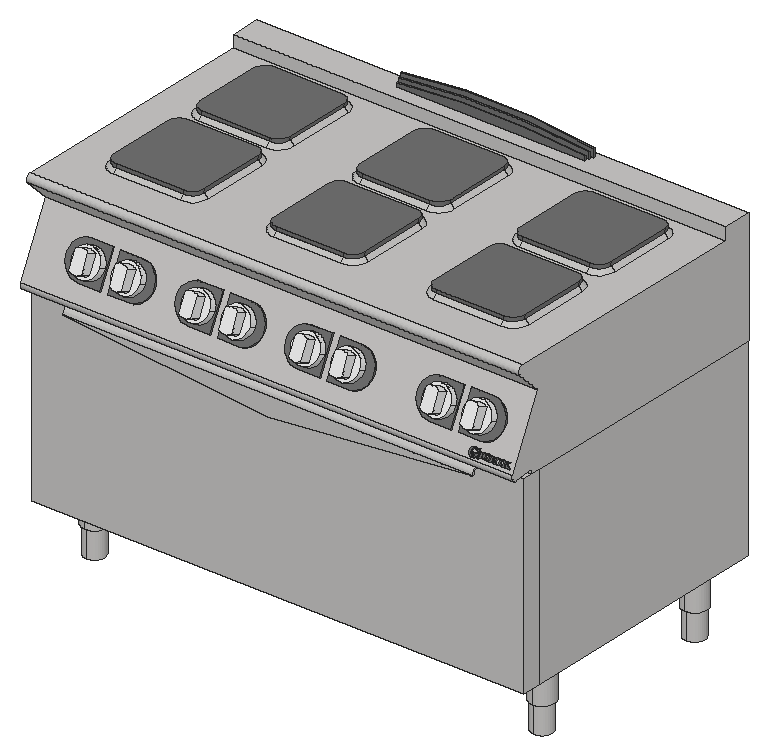
Revit family "QF_GIORIK_CE76QH", category Specialty Equipment, Revit 2014
Parameters (values of type "CE76QH")
  Weight in Pounds = 352.7392
  Watts = 24600 W
  Volts = 400 V
  URL Cutsheet = "www.giorik.com"
  URL = "www.giorik.com"
  Status [instance] = ""
  Specification by User [instance] = ""
  Specification by Manufacturer = ""
  Show Logo [instance] = yes
  Show Clearance [instance] = yes
  Serial Number = ""
  Seismic Rating = ""
  SMACNA No = ""
  Revision Code [instance] = ""
  Phase = 3
  Number of Poles [instance] = 3
  NAFEM Spec ID Number = ""
  Model = "CE76QH"
  Min Ckt Ampacity = 0 A
  Max Overcurrent Protection = 0 A
  Masterspec = ""
  Manufacturer = "GIORIK"
  Item Number [instance] = ""
  Installed By [instance] = ""
  Identify Quantity as Lot [instance] = no
  HP = "32.989092000000"
  Furnished By [instance] = ""
  Foodservice Equipment Identifier [instance] = yes
  FL Amps = 0 A
  Electrical Remarks [instance] = ""
  Electric Connection Type [instance] = ""
  Elec Conn RI Height [instance] = 0 mm
  Elec Conn Connection Height [instance] = 150 mm
  Description = "6 ELECTRIC RANGE WITH SQUARE PLATES WITH ELECTRIC OVEN"
  Cycle = 50 Hz
  Conn Plug = ""
  CSI MasterFormat = ""
  Assembly Code = "E1090320"
  Apparent Power = 24600 VA
Reference planes
  plane 1 "Back": y = 0
  plane 2: z = 0
  plane 3 "Left": x = 0
  plane 4 "Right": x = 1200
  plane 5 "Front": y = -720
  plane 6 "Top": z = 900
Forms (mm)
  Extrusion 1, solid, visible <- "Show Logo"
    sketch origin (996.604, -736.761, 609.486) x (-1, 0, 0) y (0, 0.452718, 0.891654)
      loop
        line (-118.824, 58.358) -> (-127.804, 58.358) -> (-125.523, 56.445) -> (-125.523, 48.027) -> (-127.804, 46.113) -> (-118.824, 46.113) -> (-121.105, 48.027) -> (-121.105, 56.445) -> (-118.824, 58.358)
      loop
        line (-163.721, 58.358) -> (-172.7, 58.358) -> (-170.42, 56.445) -> (-170.42, 48.027) -> (-172.7, 46.113) -> (-163.721, 46.113) -> (-166.001, 48.027) -> (-166.001, 56.445) -> (-163.721, 58.358)
      loop
        line (-174.332, 58.358) -> (-183.312, 58.358) -> (-181.031, 56.445) -> (-181.031, 52.435) -> (-186.419, 56.955) -> (-184.416, 58.358) -> (-191.268, 58.358) -> (-188.01, 56.839) -> (-185.455, 54.283) -> (-190.846, 47.858) -> (-193.396, 46.93) -> (-193.396, 46.113) -> (-184.416, 46.113) -> (-185.437, 47.571) -> (-182.443, 51.552) -> (-181.031, 50.894) -> (-181.031, 48.027) -> (-183.312, 46.113) -> (-174.332, 46.113) -> (-176.613, 48.027) -> (-176.613, 56.445) -> (-174.332, 58.358)
      loop
        line (-115.429, 62.063) -> (-115.429, 54.198)
        arc (-115.429, 54.198) -> (-111.618, 57.803) -> (-106.847, 59.986) r 16.039
        arc (-106.847, 59.986) -> (-103.314, 59.837) -> (-100.512, 57.68) r 5.851
        arc (-100.512, 57.68) -> (-98.815, 52.267) -> (-100.512, 46.853) r 9.479
        arc (-100.512, 46.853) -> (-102.406, 44.986) -> (-104.846, 43.93) r 7.236
        arc (-104.846, 43.93) -> (-107.728, 44.111) -> (-110.052, 45.825) r 5.11
        line (-110.052, 45.825) -> (-110.052, 52.001) -> (-116.141, 52.001) -> (-116.141, 45.503) -> (-117.893, 43.751) -> (-114.094, 44.769)
        arc (-114.094, 44.769) -> (-112.56, 44.947) -> (-111.129, 44.366) r 3.115
        arc (-111.129, 44.366) -> (-104.216, 42.091) -> (-97.303, 44.366) r 11.641
        arc (-97.303, 44.366) -> (-93.396, 52.107) -> (-97.303, 59.849) r 9.622
        arc (-97.303, 59.849) -> (-104.369, 62.174) -> (-111.435, 59.849) r 11.898
        line (-111.435, 59.849) -> (-115.429, 62.063)
      loop
        arc (-129.234, 56.068) -> (-135.893, 58.628) -> (-142.552, 56.068) r 9.941
        arc (-142.552, 56.068) -> (-144.234, 52.286) -> (-142.552, 48.505) r 5.093
        arc (-142.552, 48.505) -> (-135.893, 45.945) -> (-129.234, 48.505) r 9.941
        arc (-129.234, 48.505) -> (-127.552, 52.286) -> (-129.234, 56.068) r 5.093
      loop
        arc (-132.628, 54.403) -> (-135.893, 57.668) -> (-139.158, 54.403) r 3.265
        line (-139.158, 54.403) -> (-139.158, 50.169)
        arc (-139.158, 50.169) -> (-135.893, 46.904) -> (-132.628, 50.169) r 3.265
        line (-132.628, 50.169) -> (-132.628, 54.403)
      loop
        arc (-156.363, 58.365) -> (-159.647, 55.081) -> (-156.363, 51.796) r 3.285
        line (-156.363, 51.796) -> (-159.529, 47.306) -> (-162.087, 46.113) -> (-155.847, 46.113) -> (-153.529, 51.083) -> (-150.637, 51.083) -> (-150.637, 47.784) -> (-153.022, 46.113) -> (-144.011, 46.113) -> (-146.094, 47.68) -> (-146.094, 56.493) -> (-144.229, 58.365) -> (-156.363, 58.365)
      loop
        line (-150.637, 57.512) -> (-153.637, 57.512)
        arc (-153.637, 57.512) -> (-156.237, 54.912) -> (-153.637, 52.312) r 2.6
        line (-153.637, 52.312) -> (-150.637, 52.312) -> (-150.637, 57.512)
      loop
        line (-108.924, 52.001) -> (-104.936, 49.005) -> (-100.948, 52.001) -> (-108.924, 52.001)
    from 1.5 to -0.5
  Extrusion 2, solid
    sketch origin (-16, 1025.81, 0) x (1, 0, 0) y (0, 1, 0)
      loop
        line (25, -1086.81) -> (25, -1156.81) -> (115, -1156.81) -> (115, -1086.81) -> (25, -1086.81)
    from 148 to 150
  Extrusion 3, solid
    sketch origin (-4, 0, 130) x (1, 0, 0) y (0, 1, 0)
      loop
        circle (54, -385) r 12.5
    from 0 to 20
  Extrusion 4, solid
    sketch origin (0, 1000, -20) x (0, 1, 0) y (0, 0, 1)
      loop
        line (-1000, 919.988) -> (-1070, 919.988) -> (-1070, 889.988) -> (-1688.806, 889.988)
        arc (-1688.806, 889.988) -> (-1699.151, 883.075) -> (-1696.724, 870.873) r 11.197
        line (-1696.724, 870.873) -> (-1640.876, 815.025) -> (-1718.948, 661.258)
        arc (-1718.948, 661.258) -> (-1718.233, 650.105) -> (-1708.118, 645.354) r 10.981
        line (-1708.118, 645.354) -> (-1660, 649.925) -> (-1660, 640) -> (-1000, 640) -> (-1000, 919.988)
    from 0 to 1200
  Extrusion 5, solid
    sketch origin (0, 0, 599.536) x (1, 0, 0) y (0, 1, 0)
      loop
        line (0, -640) -> (40, -640) -> (40, -40) -> (1160, -40) -> (1160, -640) -> (1200, -640) -> (1200, 0) -> (0, 0) -> (0, -640)
    from -449.536 to 20.464
  Extrusion 6, solid
    sketch origin (0, 0, 0) x (1, 0, 0) y (0, 1, 0)
      loop
        line (40, -40) -> (40, -640) -> (1160, -640) -> (1160, -40) -> (40, -40)
    from 150 to 190
  Extrusion 7, solid
    sketch origin (-16, 560.81, 0) x (1, 0, 0) y (0, 1, 0)
      loop
        line (25, -1086.81) -> (25, -1156.81) -> (115, -1156.81) -> (115, -1086.81) -> (25, -1086.81)
    from 148 to 150
  Revolve 8, solid
    sketch origin (54, 560.81, 0) x (0, 1, 0) y (0, 0, 1)
      loop
        line (-1092.56, 66) -> (-1092.56, 148) -> (-1121.81, 148) -> (-1121.81, 0) -> (-1096.81, 0) -> (-1096.81, 66) -> (-1092.56, 66)
      axis (-1121.81, 0) -> (-1121.81, 148)
    angle from 0 to 360
  Revolve 9, solid
    sketch origin (54, 1025.81, 0) x (0, 1, 0) y (0, 0, 1)
      loop
        line (-1092.56, 66) -> (-1092.56, 148) -> (-1121.81, 148) -> (-1121.81, 0) -> (-1096.81, 0) -> (-1096.81, 66) -> (-1092.56, 66)
      axis (-1121.81, 0) -> (-1121.81, 148)
    angle from 0 to 360
  Extrusion 10, solid
    sketch origin (1216, 560.81, 0) x (-1, 0, 0) y (0, -1, 0)
      loop
        line (25, 1086.81) -> (115, 1086.81) -> (115, 1156.81) -> (25, 1156.81) -> (25, 1086.81)
    from 148 to 150
  Revolve 11, solid
    sketch origin (1146, 560.81, 0) x (0, 1, 0) y (0, 0, -1)
      loop
        line (-1092.56, -66) -> (-1096.81, -66) -> (-1096.81, 0) -> (-1121.81, 0) -> (-1121.81, -148) -> (-1092.56, -148) -> (-1092.56, -66)
      axis (-1121.81, 0) -> (-1121.81, -148)
    angle from 0 to 360
  Extrusion 12, solid
    sketch origin (1216, -1217.81, 0) x (-1, 0, 0) y (0, -1, 0)
      loop
        line (25, -1086.81) -> (25, -1156.81) -> (115, -1156.81) -> (115, -1086.81) -> (25, -1086.81)
    from 148 to 150
  Revolve 13, solid
    sketch origin (1146, -1217.81, 0) x (0, -1, 0) y (0, 0, 1)
      loop
        line (-1092.56, 66) -> (-1092.56, 148) -> (-1121.81, 148) -> (-1121.81, 0) -> (-1096.81, 0) -> (-1096.81, 66) -> (-1092.56, 66)
      axis (-1121.81, 0) -> (-1121.81, 148)
    angle from 0 to 360
  Extrusion 14, solid
    sketch origin (-283.221, -963.345, 52.363) x (1, 0, 0) y (0, 0.452718, 0.891654)
      loop
        line (463.221, 676.25) -> (463.221, 766.25) -> (409.698, 766.25)
        arc (409.698, 766.25) -> (364.698, 721.25) -> (409.698, 676.25) r 45
        line (409.698, 676.25) -> (463.221, 676.25)
    from 48 to 50
  Extrusion 15, solid
    sketch origin (491.331, -1008.697, 74.959) x (-1, 0, 0) y (0, -0.45351, -0.891251)
      loop
        circle (351.331, -721.346) r 35
    from 0 to 15
  Extrusion 16, solid
    sketch origin (491.331, -1008.697, 74.959) x (-1, 0, 0) y (0, -0.45351, -0.891251)
      loop
        arc (336.331, -743.846) -> (351.331, -748.846) -> (366.331, -743.846) r 25
        line (366.331, -743.846) -> (366.331, -698.846)
        arc (366.331, -698.846) -> (351.331, -693.846) -> (336.331, -698.846) r 25
        line (336.331, -698.846) -> (336.331, -743.846)
    from 15 to 40
  Extrusion 17, solid
    sketch origin (661.221, -963.345, 52.363) x (-1, 0, 0) y (0, -0.452718, -0.891654)
      loop
        line (463.221, -676.25) -> (409.698, -676.25)
        arc (409.698, -676.25) -> (364.698, -721.25) -> (409.698, -766.25) r 45
        line (409.698, -766.25) -> (463.221, -766.25) -> (463.221, -676.25)
    from 48 to 50
  Extrusion 18, solid
    sketch origin (-113.331, -1008.697, 74.959) x (1, 0, 0) y (0, 0.45351, 0.891251)
      loop
        circle (351.331, 721.346) r 35
    from 0 to 15
  Extrusion 19, solid
    sketch origin (-113.331, -1008.697, 74.959) x (1, 0, 0) y (0, 0.45351, 0.891251)
      loop
        line (336.331, 743.846) -> (336.331, 698.846)
        arc (336.331, 698.846) -> (351.331, 693.846) -> (366.331, 698.846) r 25
        line (366.331, 698.846) -> (366.331, 743.846)
        arc (366.331, 743.846) -> (351.331, 748.846) -> (336.331, 743.846) r 25
    from 15 to 40
  Extrusion 20, solid
    sketch origin (236.031, 0, -10.001) x (1, 0, 0) y (0, 0, 1)
      loop
        line (135, 909.989) -> (592.969, 909.989) -> (592.969, 919.989) -> (440.969, 929.989) -> (287, 929.989) -> (135, 919.989) -> (135, 909.989)
    from 32 to 35
  Extrusion 21, solid
    sketch origin (238, 10, -10.001) x (1, 0, 0) y (0, 0, 1)
      loop
        line (594, 909.989) -> (594, 924.989) -> (440, 937.489) -> (284, 937.489) -> (130, 925.001) -> (130, 909.989) -> (594, 909.989)
    from 32 to 35
  Extrusion 22, solid
    sketch origin (240, 20, -10.001) x (1, 0, 0) y (0, 0, 1)
      loop
        line (595, 909.989) -> (595, 930.001) -> (439, 945.258) -> (281, 945.258) -> (125, 929.989) -> (125, 909.989) -> (595, 909.989)
    from 32 to 35
  Extrusion 23, solid
    sketch origin (801.002, 17.5, 864.988) x (0, 1, 0) y (-1, 0, 0)
      loop
        arc (-121.5, -108) -> (-129.701, -88.201) -> (-149.5, -80) r 28
        line (-149.5, -80) -> (-313.5, -80)
        arc (-313.5, -80) -> (-333.299, -88.201) -> (-341.5, -108) r 28
        line (-341.5, -108) -> (-341.5, -271.998)
        arc (-341.5, -271.998) -> (-333.299, -291.797) -> (-313.5, -299.998) r 28
        line (-313.5, -299.998) -> (-149.5, -299.998)
        arc (-149.5, -299.998) -> (-129.701, -291.797) -> (-121.5, -271.998) r 28
        line (-121.5, -271.998) -> (-121.5, -108)
    from 23 to 15
  Blend 24, solid
    base sketch origin (1545.362, -805.004, 869.988) x (0, 1, 0) y (-1, 0, 0)
      loop
        arc (710.004, 636.36) -> (699.167, 662.523) -> (673.004, 673.36) r 37
        line (673.004, 673.36) -> (509.004, 673.36)
        arc (509.004, 673.36) -> (482.841, 662.523) -> (472.004, 636.36) r 37
        line (472.004, 636.36) -> (472.004, 472.362)
        arc (472.004, 472.362) -> (482.841, 446.199) -> (509.004, 435.362) r 37
        line (509.004, 435.362) -> (673.004, 435.362)
        arc (673.004, 435.362) -> (699.167, 446.199) -> (710.004, 472.362) r 37
        line (710.004, 472.362) -> (710.004, 636.36)
    top sketch origin (1545.362, -805.004, 900) x (0, 1, 0) y (-1, 0, 0)
      loop
        arc (701.004, 636.36) -> (692.803, 656.159) -> (673.004, 664.36) r 28
        line (673.004, 664.36) -> (509.004, 664.36)
        arc (509.004, 664.36) -> (489.205, 656.159) -> (481.004, 636.36) r 28
        line (481.004, 636.36) -> (481.004, 472.362)
        arc (481.004, 472.362) -> (489.205, 452.563) -> (509.004, 444.362) r 28
        line (509.004, 444.362) -> (673.004, 444.362)
        arc (673.004, 444.362) -> (692.803, 452.563) -> (701.004, 472.362) r 28
        line (701.004, 472.362) -> (701.004, 636.36)
    from 0 to -20.012
  Extrusion 25, solid
    sketch origin (19, 17.5, 864.988) x (0, 1, 0) y (-1, 0, 0)
      loop
        arc (-121.5, -108) -> (-129.701, -88.201) -> (-149.5, -80) r 28
        line (-149.5, -80) -> (-313.5, -80)
        arc (-313.5, -80) -> (-333.299, -88.201) -> (-341.5, -108) r 28
        line (-341.5, -108) -> (-341.5, -271.998)
        arc (-341.5, -271.998) -> (-333.299, -291.797) -> (-313.5, -299.998) r 28
        line (-313.5, -299.998) -> (-149.5, -299.998)
        arc (-149.5, -299.998) -> (-129.701, -291.797) -> (-121.5, -271.998) r 28
        line (-121.5, -271.998) -> (-121.5, -108)
    from 23 to 15
  Blend 26, solid
    base sketch origin (763.36, -805.004, 869.988) x (0, 1, 0) y (-1, 0, 0)
      loop
        arc (710.004, 636.36) -> (699.167, 662.523) -> (673.004, 673.36) r 37
        line (673.004, 673.36) -> (509.004, 673.36)
        arc (509.004, 673.36) -> (482.841, 662.523) -> (472.004, 636.36) r 37
        line (472.004, 636.36) -> (472.004, 472.362)
        arc (472.004, 472.362) -> (482.841, 446.199) -> (509.004, 435.362) r 37
        line (509.004, 435.362) -> (673.004, 435.362)
        arc (673.004, 435.362) -> (699.167, 446.199) -> (710.004, 472.362) r 37
        line (710.004, 472.362) -> (710.004, 636.36)
    top sketch origin (763.36, -805.004, 900) x (0, 1, 0) y (-1, 0, 0)
      loop
        arc (701.004, 636.36) -> (692.803, 656.159) -> (673.004, 664.36) r 28
        line (673.004, 664.36) -> (509.004, 664.36)
        arc (509.004, 664.36) -> (489.205, 656.159) -> (481.004, 636.36) r 28
        line (481.004, 636.36) -> (481.004, 472.362)
        arc (481.004, 472.362) -> (489.205, 452.563) -> (509.004, 444.362) r 28
        line (509.004, 444.362) -> (673.004, 444.362)
        arc (673.004, 444.362) -> (692.803, 452.563) -> (701.004, 472.362) r 28
        line (701.004, 472.362) -> (701.004, 636.36)
    from 0 to -20.012
  Extrusion 27, solid
    sketch origin (410.001, 17.5, 864.988) x (0, 1, 0) y (-1, 0, 0)
      loop
        arc (-121.5, -108) -> (-129.701, -88.201) -> (-149.5, -80) r 28
        line (-149.5, -80) -> (-313.5, -80)
        arc (-313.5, -80) -> (-333.299, -88.201) -> (-341.5, -108) r 28
        line (-341.5, -108) -> (-341.5, -271.998)
        arc (-341.5, -271.998) -> (-333.299, -291.797) -> (-313.5, -299.998) r 28
        line (-313.5, -299.998) -> (-149.5, -299.998)
        arc (-149.5, -299.998) -> (-129.701, -291.797) -> (-121.5, -271.998) r 28
        line (-121.5, -271.998) -> (-121.5, -108)
    from 23 to 15
  Blend 28, solid
    base sketch origin (1154.361, -805.004, 869.988) x (0, 1, 0) y (-1, 0, 0)
      loop
        arc (710.004, 636.36) -> (699.167, 662.523) -> (673.004, 673.36) r 37
        line (673.004, 673.36) -> (509.004, 673.36)
        arc (509.004, 673.36) -> (482.841, 662.523) -> (472.004, 636.36) r 37
        line (472.004, 636.36) -> (472.004, 472.362)
        arc (472.004, 472.362) -> (482.841, 446.199) -> (509.004, 435.362) r 37
        line (509.004, 435.362) -> (673.004, 435.362)
        arc (673.004, 435.362) -> (699.167, 446.199) -> (710.004, 472.362) r 37
        line (710.004, 472.362) -> (710.004, 636.36)
    top sketch origin (1154.361, -805.004, 900) x (0, 1, 0) y (-1, 0, 0)
      loop
        arc (701.004, 636.36) -> (692.803, 656.159) -> (673.004, 664.36) r 28
        line (673.004, 664.36) -> (509.004, 664.36)
        arc (509.004, 664.36) -> (489.205, 656.159) -> (481.004, 636.36) r 28
        line (481.004, 636.36) -> (481.004, 472.362)
        arc (481.004, 472.362) -> (489.205, 452.563) -> (509.004, 444.362) r 28
        line (509.004, 444.362) -> (673.004, 444.362)
        arc (673.004, 444.362) -> (692.803, 452.563) -> (701.004, 472.362) r 28
        line (701.004, 472.362) -> (701.004, 636.36)
    from 0 to -20.012
  Extrusion 29, solid
    sketch origin (801.002, -707.5, 864.988) x (0, -1, 0) y (1, 0, 0)
      loop
        line (-121.5, 108) -> (-121.5, 271.998)
        arc (-121.5, 271.998) -> (-129.701, 291.797) -> (-149.5, 299.998) r 28
        line (-149.5, 299.998) -> (-313.5, 299.998)
        arc (-313.5, 299.998) -> (-333.299, 291.797) -> (-341.5, 271.998) r 28
        line (-341.5, 271.998) -> (-341.5, 108)
        arc (-341.5, 108) -> (-333.299, 88.201) -> (-313.5, 80) r 28
        line (-313.5, 80) -> (-149.5, 80)
        arc (-149.5, 80) -> (-129.701, 88.201) -> (-121.5, 108) r 28
    from 23 to 15
  Blend 30, solid
    base sketch origin (1545.362, 115.004, 869.988) x (0, -1, 0) y (1, 0, 0)
      loop
        line (710.004, -636.36) -> (710.004, -472.362)
        arc (710.004, -472.362) -> (699.167, -446.199) -> (673.004, -435.362) r 37
        line (673.004, -435.362) -> (509.004, -435.362)
        arc (509.004, -435.362) -> (482.841, -446.199) -> (472.004, -472.362) r 37
        line (472.004, -472.362) -> (472.004, -636.36)
        arc (472.004, -636.36) -> (482.841, -662.523) -> (509.004, -673.36) r 37
        line (509.004, -673.36) -> (673.004, -673.36)
        arc (673.004, -673.36) -> (699.167, -662.523) -> (710.004, -636.36) r 37
    top sketch origin (1545.362, 115.004, 900) x (0, -1, 0) y (1, 0, 0)
      loop
        line (701.004, -636.36) -> (701.004, -472.362)
        arc (701.004, -472.362) -> (692.803, -452.563) -> (673.004, -444.362) r 28
        line (673.004, -444.362) -> (509.004, -444.362)
        arc (509.004, -444.362) -> (489.205, -452.563) -> (481.004, -472.362) r 28
        line (481.004, -472.362) -> (481.004, -636.36)
        arc (481.004, -636.36) -> (489.205, -656.159) -> (509.004, -664.36) r 28
        line (509.004, -664.36) -> (673.004, -664.36)
        arc (673.004, -664.36) -> (692.803, -656.159) -> (701.004, -636.36) r 28
    from 0 to -20.012
  Extrusion 31, solid
    sketch origin (19, -707.5, 864.988) x (0, -1, 0) y (1, 0, 0)
      loop
        line (-121.5, 108) -> (-121.5, 271.998)
        arc (-121.5, 271.998) -> (-129.701, 291.797) -> (-149.5, 299.998) r 28
        line (-149.5, 299.998) -> (-313.5, 299.998)
        arc (-313.5, 299.998) -> (-333.299, 291.797) -> (-341.5, 271.998) r 28
        line (-341.5, 271.998) -> (-341.5, 108)
        arc (-341.5, 108) -> (-333.299, 88.201) -> (-313.5, 80) r 28
        line (-313.5, 80) -> (-149.5, 80)
        arc (-149.5, 80) -> (-129.701, 88.201) -> (-121.5, 108) r 28
    from 23 to 15
  Blend 32, solid
    base sketch origin (763.36, 115.004, 869.988) x (0, -1, 0) y (1, 0, 0)
      loop
        line (710.004, -636.36) -> (710.004, -472.362)
        arc (710.004, -472.362) -> (699.167, -446.199) -> (673.004, -435.362) r 37
        line (673.004, -435.362) -> (509.004, -435.362)
        arc (509.004, -435.362) -> (482.841, -446.199) -> (472.004, -472.362) r 37
        line (472.004, -472.362) -> (472.004, -636.36)
        arc (472.004, -636.36) -> (482.841, -662.523) -> (509.004, -673.36) r 37
        line (509.004, -673.36) -> (673.004, -673.36)
        arc (673.004, -673.36) -> (699.167, -662.523) -> (710.004, -636.36) r 37
    top sketch origin (763.36, 115.004, 900) x (0, -1, 0) y (1, 0, 0)
      loop
        line (701.004, -636.36) -> (701.004, -472.362)
        arc (701.004, -472.362) -> (692.803, -452.563) -> (673.004, -444.362) r 28
        line (673.004, -444.362) -> (509.004, -444.362)
        arc (509.004, -444.362) -> (489.205, -452.563) -> (481.004, -472.362) r 28
        line (481.004, -472.362) -> (481.004, -636.36)
        arc (481.004, -636.36) -> (489.205, -656.159) -> (509.004, -664.36) r 28
        line (509.004, -664.36) -> (673.004, -664.36)
        arc (673.004, -664.36) -> (692.803, -656.159) -> (701.004, -636.36) r 28
    from 0 to -20.012
  Extrusion 33, solid
    sketch origin (410.001, -707.5, 864.988) x (0, -1, 0) y (1, 0, 0)
      loop
        line (-121.5, 108) -> (-121.5, 271.998)
        arc (-121.5, 271.998) -> (-129.701, 291.797) -> (-149.5, 299.998) r 28
        line (-149.5, 299.998) -> (-313.5, 299.998)
        arc (-313.5, 299.998) -> (-333.299, 291.797) -> (-341.5, 271.998) r 28
        line (-341.5, 271.998) -> (-341.5, 108)
        arc (-341.5, 108) -> (-333.299, 88.201) -> (-313.5, 80) r 28
        line (-313.5, 80) -> (-149.5, 80)
        arc (-149.5, 80) -> (-129.701, 88.201) -> (-121.5, 108) r 28
    from 23 to 15
  Blend 34, solid
    base sketch origin (1154.361, 115.004, 869.988) x (0, -1, 0) y (1, 0, 0)
      loop
        line (710.004, -636.36) -> (710.004, -472.362)
        arc (710.004, -472.362) -> (699.167, -446.199) -> (673.004, -435.362) r 37
        line (673.004, -435.362) -> (509.004, -435.362)
        arc (509.004, -435.362) -> (482.841, -446.199) -> (472.004, -472.362) r 37
        line (472.004, -472.362) -> (472.004, -636.36)
        arc (472.004, -636.36) -> (482.841, -662.523) -> (509.004, -673.36) r 37
        line (509.004, -673.36) -> (673.004, -673.36)
        arc (673.004, -673.36) -> (699.167, -662.523) -> (710.004, -636.36) r 37
    top sketch origin (1154.361, 115.004, 900) x (0, -1, 0) y (1, 0, 0)
      loop
        line (701.004, -636.36) -> (701.004, -472.362)
        arc (701.004, -472.362) -> (692.803, -452.563) -> (673.004, -444.362) r 28
        line (673.004, -444.362) -> (509.004, -444.362)
        arc (509.004, -444.362) -> (489.205, -452.563) -> (481.004, -472.362) r 28
        line (481.004, -472.362) -> (481.004, -636.36)
        arc (481.004, -636.36) -> (489.205, -656.159) -> (509.004, -664.36) r 28
        line (509.004, -664.36) -> (673.004, -664.36)
        arc (673.004, -664.36) -> (692.803, -656.159) -> (701.004, -636.36) r 28
    from 0 to -20.012
  Extrusion 35, solid
    sketch origin (929.221, -963.345, 52.363) x (-1, 0, 0) y (0, -0.452718, -0.891654)
      loop
        line (463.221, -676.25) -> (409.698, -676.25)
        arc (409.698, -676.25) -> (364.698, -721.25) -> (409.698, -766.25) r 45
        line (409.698, -766.25) -> (463.221, -766.25) -> (463.221, -676.25)
    from 48 to 50
  Extrusion 36, solid
    sketch origin (154.669, -1008.697, 74.959) x (1, 0, 0) y (0, 0.45351, 0.891251)
      loop
        circle (351.331, 721.346) r 35
    from 0 to 15
  Extrusion 37, solid
    sketch origin (154.669, -1008.697, 74.959) x (1, 0, 0) y (0, 0.45351, 0.891251)
      loop
        line (336.331, 743.846) -> (336.331, 698.846)
        arc (336.331, 698.846) -> (351.331, 693.846) -> (366.331, 698.846) r 25
        line (366.331, 698.846) -> (366.331, 743.846)
        arc (366.331, 743.846) -> (351.331, 748.846) -> (336.331, 743.846) r 25
    from 15 to 40
  Extrusion 38, solid
    sketch origin (-15.221, -963.345, 52.363) x (1, 0, 0) y (0, 0.452718, 0.891654)
      loop
        line (463.221, 676.25) -> (463.221, 766.25) -> (409.698, 766.25)
        arc (409.698, 766.25) -> (364.698, 721.25) -> (409.698, 676.25) r 45
        line (409.698, 676.25) -> (463.221, 676.25)
    from 48 to 50
  Extrusion 39, solid
    sketch origin (759.331, -1008.697, 74.959) x (-1, 0, 0) y (0, -0.45351, -0.891251)
      loop
        circle (351.331, -721.346) r 35
    from 0 to 15
  Extrusion 40, solid
    sketch origin (759.331, -1008.697, 74.959) x (-1, 0, 0) y (0, -0.45351, -0.891251)
      loop
        arc (336.331, -743.846) -> (351.331, -748.846) -> (366.331, -743.846) r 25
        line (366.331, -743.846) -> (366.331, -698.846)
        arc (366.331, -698.846) -> (351.331, -693.846) -> (336.331, -698.846) r 25
        line (336.331, -698.846) -> (336.331, -743.846)
    from 15 to 40
  Extrusion 41, solid
    sketch origin (252.779, -963.345, 52.363) x (1, 0, 0) y (0, 0.452718, 0.891654)
      loop
        line (463.221, 676.25) -> (463.221, 766.25) -> (409.698, 766.25)
        arc (409.698, 766.25) -> (364.698, 721.25) -> (409.698, 676.25) r 45
        line (409.698, 676.25) -> (463.221, 676.25)
    from 48 to 50
  Extrusion 42, solid
    sketch origin (1027.331, -1008.697, 74.959) x (-1, 0, 0) y (0, -0.45351, -0.891251)
      loop
        circle (351.331, -721.346) r 35
    from 0 to 15
  Extrusion 43, solid
    sketch origin (1027.331, -1008.697, 74.959) x (-1, 0, 0) y (0, -0.45351, -0.891251)
      loop
        arc (336.331, -743.846) -> (351.331, -748.846) -> (366.331, -743.846) r 25
        line (366.331, -743.846) -> (366.331, -698.846)
        arc (366.331, -698.846) -> (351.331, -693.846) -> (336.331, -698.846) r 25
        line (336.331, -698.846) -> (336.331, -743.846)
    from 15 to 40
  Extrusion 44, solid
    sketch origin (1197.221, -963.345, 52.363) x (-1, 0, 0) y (0, -0.452718, -0.891654)
      loop
        line (463.221, -676.25) -> (409.698, -676.25)
        arc (409.698, -676.25) -> (364.698, -721.25) -> (409.698, -766.25) r 45
        line (409.698, -766.25) -> (463.221, -766.25) -> (463.221, -676.25)
    from 48 to 50
  Extrusion 45, solid
    sketch origin (422.669, -1008.697, 74.959) x (1, 0, 0) y (0, 0.45351, 0.891251)
      loop
        circle (351.331, 721.346) r 35
    from 0 to 15
  Extrusion 46, solid
    sketch origin (422.669, -1008.697, 74.959) x (1, 0, 0) y (0, 0.45351, 0.891251)
      loop
        line (336.331, 743.846) -> (336.331, 698.846)
        arc (336.331, 698.846) -> (351.331, 693.846) -> (366.331, 698.846) r 25
        line (366.331, 698.846) -> (366.331, 743.846)
        arc (366.331, 743.846) -> (351.331, 748.846) -> (336.331, 743.846) r 25
    from 15 to 40
  Extrusion 47, solid
    sketch origin (0, -725, 0) x (1, 0, 0) y (0, 0, 1)
      loop
        line (0, 620) -> (0, 150) -> (1200, 150) -> (1200, 620) -> (0, 620)
    from -85 to -40
  Extrusion 48, solid
    sketch origin (2.5, -725, -20.1) x (0, 1, 0) y (0, 0, 1)
      loop
        arc (25, 640.1) -> (14.393, 635.707) -> (10, 625.1) r 15
        line (10, 625.1) -> (12, 625.1)
        arc (12, 625.1) -> (15.808, 634.292) -> (25, 638.1) r 13
        line (25, 638.1) -> (40, 638.1) -> (40, 640.1) -> (25, 640.1)
    from 97.5 to 1097.5
  Extrusion 49, solid
    sketch origin (2.5, -724.905, -20.1) x (1, 0, 0) y (0, 0, 1)
      loop
        arc (97.5, 625.1) -> (597.5, 577.434) -> (1097.5, 625.1) r 2646.252
        line (1097.5, 625.1) -> (97.5, 625.1)
    from -11.905 to -9.905
  Extrusion 50, solid, visible <- "Show Clearance", detail levels coarse
    sketch origin (0, 0, 0) x (0, 1, 0) y (0, 0, 1)
      loop
        line (-685, 150) -> (-685, 620)
        arc (-685, 620) -> (-1017.34, 482.34) -> (-1155, 150) r 470
        line (-1155, 150) -> (-685, 150)
    from 0 to 1200
  Extrusion 51, solid
    sketch origin (572.779, -963.345, 52.363) x (1, 0, 0) y (0, 0.452718, 0.891654)
      loop
        line (463.221, 676.25) -> (463.221, 766.25) -> (409.698, 766.25)
        arc (409.698, 766.25) -> (364.698, 721.25) -> (409.698, 676.25) r 45
        line (409.698, 676.25) -> (463.221, 676.25)
    from 48 to 50
  Extrusion 52, solid
    sketch origin (1347.331, -1008.697, 74.959) x (-1, 0, 0) y (0, -0.45351, -0.891251)
      loop
        circle (351.331, -721.346) r 35
    from 0 to 15
  Extrusion 53, solid
    sketch origin (1347.331, -1008.697, 74.959) x (-1, 0, 0) y (0, -0.45351, -0.891251)
      loop
        arc (336.331, -743.846) -> (351.331, -748.846) -> (366.331, -743.846) r 25
        line (366.331, -743.846) -> (366.331, -698.846)
        arc (366.331, -698.846) -> (351.331, -693.846) -> (336.331, -698.846) r 25
        line (336.331, -698.846) -> (336.331, -743.846)
    from 15 to 40
  Extrusion 54, solid
    sketch origin (1517.221, -963.345, 52.363) x (-1, 0, 0) y (0, -0.452718, -0.891654)
      loop
        line (463.221, -676.25) -> (409.698, -676.25)
        arc (409.698, -676.25) -> (364.698, -721.25) -> (409.698, -766.25) r 45
        line (409.698, -766.25) -> (463.221, -766.25) -> (463.221, -676.25)
    from 48 to 50
  Extrusion 55, solid
    sketch origin (742.669, -1008.697, 74.959) x (1, 0, 0) y (0, 0.45351, 0.891251)
      loop
        circle (351.331, 721.346) r 35
    from 0 to 15
  Extrusion 56, solid
    sketch origin (742.669, -1008.697, 74.959) x (1, 0, 0) y (0, 0.45351, 0.891251)
      loop
        line (336.331, 743.846) -> (336.331, 698.846)
        arc (336.331, 698.846) -> (351.331, 693.846) -> (366.331, 698.846) r 25
        line (366.331, 698.846) -> (366.331, 743.846)
        arc (366.331, 743.846) -> (351.331, 748.846) -> (336.331, 743.846) r 25
    from 15 to 40
Lines and regions (mm)
  symbolic lines, style "200-EquipBorder-2D"
    curve 1: line (0, -720, 0) -> (1200, -720, 0)
    curve 2: line (1200, -720, 0) -> (1200, 0, 0)
    curve 3: line (1200, 0, 0) -> (0, 0, 0)
    curve 4: line (0, 0, 0) -> (0, -720, 0)
  symbolic lines, style "200-EquipInternal-2D"
    curve 5: line (0, -70, 900) -> (1200, -70, 900)
    curve 6: line (365, -12, 900) -> (835, -12, 900)
    curve 7: line (835, -12, 900) -> (835, -15, 900)
    curve 8: line (835, -15, 900) -> (365, -15, 900)
    curve 9: line (365, -15, 900) -> (365, -12, 900)
    curve 10: line (368, -22, 900) -> (832, -22, 900)
    curve 11: line (832, -22, 900) -> (832, -25, 900)
    curve 12: line (832, -25, 900) -> (368, -25, 900)
    curve 13: line (368, -25, 900) -> (368, -22, 900)
    curve 14: line (371.031, -32, 900) -> (829, -32, 900)
    curve 15: line (829, -32, 900) -> (829, -35, 900)
    curve 16: line (829, -35, 900) -> (371.031, -35, 900)
    curve 17: line (371.031, -35, 900) -> (371.031, -32, 900)
    curve 18: line (1073, -104, 0) -> (909.002, -104, 0)
    curve 19: arc (1101, -132, 0) -> (1092.799, -112.201, 0) -> (1073, -104, 0) r 28
    curve 20: line (1101, -296, 0) -> (1101, -132, 0)
    curve 21: arc (1073, -324, 0) -> (1092.799, -315.799, 0) -> (1101, -296, 0) r 28
    curve 22: line (909.002, -324, 0) -> (1073, -324, 0)
    curve 23: arc (881.002, -296, 0) -> (889.203, -315.799, 0) -> (909.002, -324, 0) r 28
    curve 24: line (881.002, -132, 0) -> (881.002, -296, 0)
    curve 25: arc (909.002, -104, 0) -> (889.203, -112.201, 0) -> (881.002, -132, 0) r 28
    curve 26: arc (909.002, -95, 0) -> (882.839, -105.837, 0) -> (872.002, -132, 0) r 37
    curve 27: line (1073, -95, 0) -> (909.002, -95, 0)
    curve 28: arc (1110, -132, 0) -> (1099.163, -105.837, 0) -> (1073, -95, 0) r 37
    curve 29: line (1110, -296, 0) -> (1110, -132, 0)
    curve 30: arc (1073, -333, 0) -> (1099.163, -322.163, 0) -> (1110, -296, 0) r 37
    curve 31: line (909.002, -333, 0) -> (1073, -333, 0)
    curve 32: arc (872.002, -296, 0) -> (882.839, -322.163, 0) -> (909.002, -333, 0) r 37
    curve 33: line (872.002, -132, 0) -> (872.002, -296, 0)
    curve 34: line (290.998, -104, 0) -> (127, -104, 0)
    curve 35: arc (318.998, -132, 0) -> (310.797, -112.201, 0) -> (290.998, -104, 0) r 28
    curve 36: line (318.998, -296, 0) -> (318.998, -132, 0)
    curve 37: arc (290.998, -324, 0) -> (310.797, -315.799, 0) -> (318.998, -296, 0) r 28
    curve 38: line (127, -324, 0) -> (290.998, -324, 0)
    curve 39: arc (99, -296, 0) -> (107.201, -315.799, 0) -> (127, -324, 0) r 28
    curve 40: line (99, -132, 0) -> (99, -296, 0)
    curve 41: arc (127, -104, 0) -> (107.201, -112.201, 0) -> (99, -132, 0) r 28
    curve 42: arc (127, -95, 0) -> (100.837, -105.837, 0) -> (90, -132, 0) r 37
    curve 43: line (290.998, -95, 0) -> (127, -95, 0)
    curve 44: arc (327.998, -132, 0) -> (317.161, -105.837, 0) -> (290.998, -95, 0) r 37
    curve 45: line (327.998, -296, 0) -> (327.998, -132, 0)
    curve 46: arc (290.998, -333, 0) -> (317.161, -322.163, 0) -> (327.998, -296, 0) r 37
    curve 47: line (127, -333, 0) -> (290.998, -333, 0)
    curve 48: arc (90, -296, 0) -> (100.837, -322.163, 0) -> (127, -333, 0) r 37
    curve 49: line (90, -132, 0) -> (90, -296, 0)
    curve 50: line (681.999, -104, 0) -> (518.001, -104, 0)
    curve 51: arc (709.999, -132, 0) -> (701.798, -112.201, 0) -> (681.999, -104, 0) r 28
    curve 52: line (709.999, -296, 0) -> (709.999, -132, 0)
    curve 53: arc (681.999, -324, 0) -> (701.798, -315.799, 0) -> (709.999, -296, 0) r 28
    curve 54: line (518.001, -324, 0) -> (681.999, -324, 0)
    curve 55: arc (490.001, -296, 0) -> (498.202, -315.799, 0) -> (518.001, -324, 0) r 28
    curve 56: line (490.001, -132, 0) -> (490.001, -296, 0)
    curve 57: arc (518.001, -104, 0) -> (498.202, -112.201, 0) -> (490.001, -132, 0) r 28
    curve 58: arc (518.001, -95, 0) -> (491.838, -105.837, 0) -> (481.001, -132, 0) r 37
    curve 59: line (681.999, -95, 0) -> (518.001, -95, 0)
    curve 60: arc (718.999, -132, 0) -> (708.162, -105.837, 0) -> (681.999, -95, 0) r 37
    curve 61: line (718.999, -296, 0) -> (718.999, -132, 0)
    curve 62: arc (681.999, -333, 0) -> (708.162, -322.163, 0) -> (718.999, -296, 0) r 37
    curve 63: line (518.001, -333, 0) -> (681.999, -333, 0)
    curve 64: arc (481.001, -296, 0) -> (491.838, -322.163, 0) -> (518.001, -333, 0) r 37
    curve 65: line (481.001, -132, 0) -> (481.001, -296, 0)
    curve 66: line (1073, -586, 0) -> (909.002, -586, 0)
    curve 67: arc (1101, -558, 0) -> (1092.799, -577.799, 0) -> (1073, -586, 0) r 28
    curve 68: line (1101, -394, 0) -> (1101, -558, 0)
    curve 69: arc (1073, -366, 0) -> (1092.799, -374.201, 0) -> (1101, -394, 0) r 28
    curve 70: line (909.002, -366, 0) -> (1073, -366, 0)
    curve 71: arc (881.002, -394, 0) -> (889.203, -374.201, 0) -> (909.002, -366, 0) r 28
    curve 72: line (881.002, -558, 0) -> (881.002, -394, 0)
    curve 73: arc (909.002, -586, 0) -> (889.203, -577.799, 0) -> (881.002, -558, 0) r 28
    curve 74: arc (909.002, -595, 0) -> (882.839, -584.163, 0) -> (872.002, -558, 0) r 37
    curve 75: line (1073, -595, 0) -> (909.002, -595, 0)
    curve 76: arc (1110, -558, 0) -> (1099.163, -584.163, 0) -> (1073, -595, 0) r 37
    curve 77: line (1110, -394, 0) -> (1110, -558, 0)
    curve 78: arc (1073, -357, 0) -> (1099.163, -367.837, 0) -> (1110, -394, 0) r 37
    curve 79: line (909.002, -357, 0) -> (1073, -357, 0)
    curve 80: arc (872.002, -394, 0) -> (882.839, -367.837, 0) -> (909.002, -357, 0) r 37
    curve 81: line (872.002, -558, 0) -> (872.002, -394, 0)
    curve 82: line (290.998, -586, 0) -> (127, -586, 0)
    curve 83: arc (318.998, -558, 0) -> (310.797, -577.799, 0) -> (290.998, -586, 0) r 28
    curve 84: line (318.998, -394, 0) -> (318.998, -558, 0)
    curve 85: arc (290.998, -366, 0) -> (310.797, -374.201, 0) -> (318.998, -394, 0) r 28
    curve 86: line (127, -366, 0) -> (290.998, -366, 0)
    curve 87: arc (99, -394, 0) -> (107.201, -374.201, 0) -> (127, -366, 0) r 28
    curve 88: line (99, -558, 0) -> (99, -394, 0)
    curve 89: arc (127, -586, 0) -> (107.201, -577.799, 0) -> (99, -558, 0) r 28
    curve 90: arc (127, -595, 0) -> (100.837, -584.163, 0) -> (90, -558, 0) r 37
    curve 91: line (290.998, -595, 0) -> (127, -595, 0)
    curve 92: arc (327.998, -558, 0) -> (317.161, -584.163, 0) -> (290.998, -595, 0) r 37
    curve 93: line (327.998, -394, 0) -> (327.998, -558, 0)
    curve 94: arc (290.998, -357, 0) -> (317.161, -367.837, 0) -> (327.998, -394, 0) r 37
    curve 95: line (127, -357, 0) -> (290.998, -357, 0)
    curve 96: arc (90, -394, 0) -> (100.837, -367.837, 0) -> (127, -357, 0) r 37
    curve 97: line (90, -558, 0) -> (90, -394, 0)
    curve 98: line (681.999, -586, 0) -> (518.001, -586, 0)
    curve 99: arc (709.999, -558, 0) -> (701.798, -577.799, 0) -> (681.999, -586, 0) r 28
    curve 100: line (709.999, -394, 0) -> (709.999, -558, 0)
    curve 101: arc (681.999, -366, 0) -> (701.798, -374.201, 0) -> (709.999, -394, 0) r 28
    curve 102: line (518.001, -366, 0) -> (681.999, -366, 0)
    curve 103: arc (490.001, -394, 0) -> (498.202, -374.201, 0) -> (518.001, -366, 0) r 28
    curve 104: line (490.001, -558, 0) -> (490.001, -394, 0)
    curve 105: arc (518.001, -586, 0) -> (498.202, -577.799, 0) -> (490.001, -558, 0) r 28
    curve 106: arc (518.001, -595, 0) -> (491.838, -584.163, 0) -> (481.001, -558, 0) r 37
    curve 107: line (681.999, -595, 0) -> (518.001, -595, 0)
    curve 108: arc (718.999, -558, 0) -> (708.162, -584.163, 0) -> (681.999, -595, 0) r 37
    curve 109: line (718.999, -394, 0) -> (718.999, -558, 0)
    curve 110: arc (681.999, -357, 0) -> (708.162, -367.837, 0) -> (718.999, -394, 0) r 37
    curve 111: line (518.001, -357, 0) -> (681.999, -357, 0)
    curve 112: arc (481.001, -394, 0) -> (491.838, -367.837, 0) -> (518.001, -357, 0) r 37
    curve 113: line (481.001, -558, 0) -> (481.001, -394, 0)
  symbolic lines, style "QF_Door-Drawer Clearances", visible <- "Show Clearance", detail levels coarse
    curve 114: line (0, -720, 0) -> (0, -1155, 0)
    curve 115: line (0, -1155, 900) -> (1200, -1155, 900)
    curve 116: line (1200, -1155, 900) -> (1200, -720, 900)
Dimensions and locks
  plane 3 "Left" to plane 4 "Right" = 1200 mm
  plane 5 "Front" to plane 1 "Back" = 720 mm
  plane 4 "Right" to plane 3 "Left" = 1200 mm
  plane 1 "Back" to plane 5 "Front" = 720 mm
  plane 6 "Top" to level = 900 mm  (x2)
  aligned and locked: level to plane 2
Connectors
  electrical at (50, -385, 130), driven by "Apparent Power", driven by "Volts", driven by "Number of Poles"
    settings: on Extrusion 3, index 1, voltage 400 V, apparent load 0 VA, apparent load phase1 24600 VA, apparent load phase2 0 VA, apparent load phase3 0 VA, power factor 1, load classification "Other", number of poles 3, system type 31, power factor state 1, is connector primary yes, connector utility no, sub classification motor no, connector description "Electrical connection"
